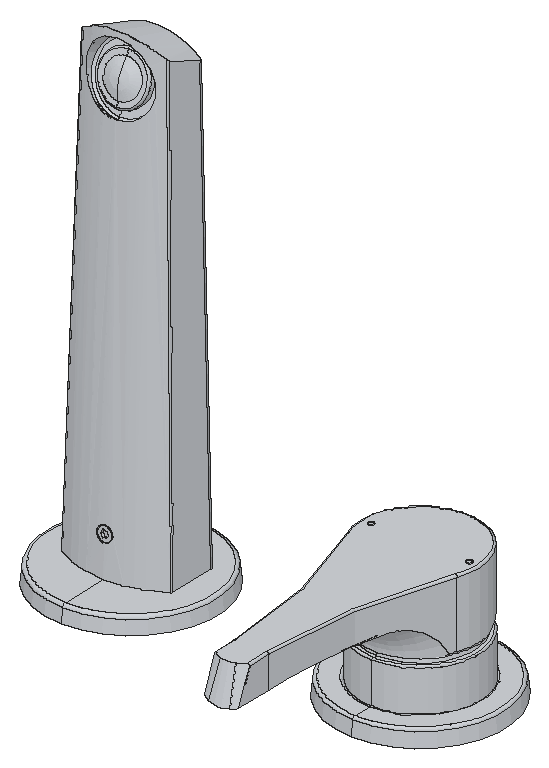
Revit family "Faucet-Wall_Mount-Lavatory-KOHLER-BEAM-K-26048T_1", category Plumbing Fixtures, host Face, Revit 2017
Family settings
  Host = Face
  Round Connector Dimension = Use Diameter
  Part Type = Normal
  OmniClass Number = 23.31.11.00
  OmniClass Title = Faucets
  Cut with Voids When Loaded = No
  Shared = No
  Room Calculation Point = No
Parameters (values of type "CP-Polished Chrome")
  Width [instance] = 4"
  WaterSense Certified = 1 = 0  # no
  Waste Water Outlet = "Waste Water Outlet"  # constant formula
  Waste Connection = 1 = 0  # no
  Vent Connection = 1 = 0  # no
  URL = "http://www.kohler.com.cn/"
  Type = 1
  Spout Reach = 6 35/128"  # constant formula
  Product Page URL = ""
  Product Name = "BEAM"  # constant formula
  Product Documentation Link = ""
  Pressure = 80.00 psi  # constant formula
  Model = if(Type = 1, "K-26048T-4-CP", if(Type = 2, "K-26048T-4-BL", "NA"))  # "K-26048T-4-CP"
  Material = "Brass Construction"  # constant formula
  Master Format 2014 Name = "Residential Faucets, Supplies, and Trim"  # constant formula
  Master Format 2014 = "22 41 39"  # constant formula
  Manufacturer Address = "Kohler Beijing Office (100016) 36-2-03-B, No. 88, Liuxiang Road, Beijing"  # constant formula
  Manufacturer = "KOHLER Co."  # constant formula
  Length = Spout Reach  # 6 35/128"
  Hot Water Inlet = "Hot Water Inlet"  # constant formula
  Height = 2 103/256"  # constant formula
  Handle Clearance = 3 129/256"  # constant formula
  HW Connection = 1 = 1  # yes
  Flow Rate = 2.2 GPM  # constant formula
  Finish = Kohler-Metal-CP-Polished_Chrome
  Environmental Product Declaration = ""
  Drain Included = 1 = 1  # yes
  Description = "WALL MOUNT SC LAV FAUCET "  # constant formula
  Default Elevation = 36"
  Declare Label = ""
  Date Modified = "08/18/2021"  # constant formula
  Date Created = "08/18/2021"  # constant formula
  Copyright = "Copyright KOHLER Co."  # constant formula
  Contact Us = "http://www.kohler.com.cn/contact/contact-us/"
  Cold Water Inlet = "Cold Water Inlet"  # constant formula
  CW Connection = 1 = 1  # yes
  Assembly Code = "D2010"
  ADA Compliant = 1 = 0  # no
Types (3): name | Type | Model | Finish
  (no name) | 1 | "K-26048T-4-CP" | Kohler-Metal-CP-Polished_Chrome
  CP-Polished Chrome | 1 | "K-26048T-4-CP" | Kohler-Metal-CP-Polished_Chrome
  BL-Matte Black | 2 | "K-26048T-4-BL" | Kohler-Metal-BL-Matte_Black
Reference planes
  plane 1 "Center (Front/Back)": y = 0
  plane 2: z = 0
  plane 3 "Center (Left/Right)": x = 0
  plane 4: x = 101.6
  plane 5: x = 71.6
  plane 6: y = 30
  plane 7: y = 30.5
  plane 8: x = 112.908
  plane 9: x = 30.5
  plane 10: y = 11.75
  plane 11: y = -12.086
  plane 12: y = 21
  plane 13: x = 131.6
  plane 14: x = 90.292
  plane 15: y = -30
  plane 16: y = -30.52
  plane 17: x = -30.5
  plane 18: y = -21
  plane 19: y = -88.999
  plane 20: x = 19.278
  plane 21: x = -19.278
  plane 22: z = 176
  plane 23: z = 48
  plane 24: z = 159.345
Dimensions and locks
  "Width": plane 3 "Center (Left/Right)" to plane 4
  "Height": plane 16 to plane 7
  "Handle Clearance": plane 19 to plane 1 "Center (Front/Back)"
  plane 22 to level = 6.92913"
  level to plane 23 = 1.88976"
  "Length": plane 24 to level
  locked: plane 5 to plane 13 at 60
  equal spacing: plane 13, plane 4, plane 5
  equal spacing: plane 8, plane 4, plane 14
  locked: plane 14 to plane 8 at 22.617
  aligned and locked: plane 2 to host face
  aligned and locked: level to host face
  aligned and locked: plane 4 to nested 2
Automatic sketch dimensions
  host sketch curve to host sketch curve = 96"  (x2)
Nested families
  nested 1: "K-26048T_Faucet" at (0, 0, 0), type "K-26048T_Faucet"
  nested 2: "K-26048T_Handle" at (101.6, 0, 0), type "K-26048T_Handle"
Connectors
  piping at (90.292, 0, 0), diameter 12.7, driven by "HW Connection", driven by "Hot Water Inlet", driven by "Flow Rate", driven by "Pressure"
    settings: on nested 2, index 1, connector inside diameter 24", connector length 0", flow factor 0, pipe flow 2.2 GPM, pressure drop 80.00 psi, fitting loss kfactor 0, connector angle 0.00°, fixture units 0, engagement length 0", angle of deflection 0.00°, flow configuration 1, flow direction 1, fitting loss method 4, system type 19, joint type 0, gender type 0, connector reference index -1, connector utility 1, adjustable connector no, is connector primary yes, connector description "Hot Water Inlet"
  piping at (112.908, 0, 0), diameter 12.7, driven by "CW Connection", driven by "Cold Water Inlet", driven by "Flow Rate", driven by "Pressure"
    settings: on nested 2, index 2, connector inside diameter 24", connector length 0", flow factor 0, pipe flow 2.2 GPM, pressure drop 80.00 psi, fitting loss kfactor 0, connector angle 0.00°, fixture units 0, engagement length 0", angle of deflection 0.00°, flow configuration 1, flow direction 1, fitting loss method 4, system type 20, joint type 0, gender type 0, connector reference index -1, connector utility 1, adjustable connector no, is connector primary no, connector description "Cold Water Inlet"
Definition of nested family "K-26048T_Faucet"
  Parameters (values of type "K-26048T_Faucet")
    material = none
  Reference planes
    plane 1 "Center (Front/Back)": y = 0
    plane 2: z = 0
    plane 3 "Center (Left/Right)": x = 0
    plane 4: y = 30.5
    plane 5: x = 30.5
    plane 6: x = -30.5
    plane 7: y = -30.5
    plane 8: y = 11.75
    plane 9: y = -12.086
    plane 10: x = 19.278
    plane 11: x = -19.278
    plane 12: z = 176
    plane 13: z = 159.394
  Forms (mm)
    Blend 1, solid, material <- "material", detail levels medium+fine
      base sketch origin (0, 0, 0) x (1, 0, 0) y (0, 1, 0)
        loop
          line (18.454, 11.75) -> (-18.454, 11.75)
          arc (-18.454, 11.75) -> (-19.037, 11.509) -> (-19.278, 10.926) r 0.824
          line (-19.278, 10.926) -> (-19.278, -6.259)
          arc (-19.278, -6.259) -> (-19.175, -6.652) -> (-18.891, -6.944) r 0.8
          arc (-18.891, -6.944) -> (0.079, -12.085) -> (18.909, -6.45) r 35.845
          arc (18.909, -6.45) -> (19.18, -6.16) -> (19.278, -5.776) r 0.8
          line (19.278, -5.776) -> (19.278, 10.926)
          arc (19.278, 10.926) -> (19.037, 11.509) -> (18.454, 11.75) r 0.824
      top sketch origin (0, 0, 0) x (1, 0, 0) y (0, 1, 0)
        loop
          line (14.29, 11.75) -> (-14.29, 11.75)
          arc (-14.29, 11.75) -> (-14.785, 11.545) -> (-14.99, 11.05) r 0.7
          line (-14.99, 11.05) -> (-14.99, -2.138)
          arc (-14.99, -2.138) -> (-14.876, -2.522) -> (-14.569, -2.78) r 0.7
          arc (-14.569, -2.78) -> (0.014, -5.776) -> (14.574, -2.667) r 36.309
          arc (14.574, -2.667) -> (14.877, -2.409) -> (14.99, -2.027) r 0.7
          line (14.99, -2.027) -> (14.99, 11.05)
          arc (14.99, 11.05) -> (14.785, 11.545) -> (14.29, 11.75) r 0.7
      from 6 to 177.277
    Revolve 2, solid, material <- "material", detail levels medium+fine
      sketch origin (0, 0, 0) x (0, 1, 0) y (0, 0, 1)
        loop
          line (0, 0) -> (30.5, 0) -> (29.982, 4.925)
          arc (29.982, 4.925) -> (29.592, 5.692) -> (28.789, 6) r 1.2
          line (28.789, 6) -> (0, 6) -> (0, 0)
        axis (0, 0) -> (0, 6)
      angle from 0 to 360
    Sweep 3, void
      path origin (0, 0, -1.094) x (1, 0, 0) y (0, 0, 1)
        loop
          arc (-26.899, 149.564) -> (0, 176.006) -> (26.899, 149.564) r 26.903
      profile origin (0, 0, 174.912) x (0, 0, 1) y (0, -1, 0)
        loop
          line (-6.116, -16.258) -> (9.122, -16.258) -> (9.122, 10.735) -> (2.655, 10.735) -> (-6.116, -16.258)
    Revolve 4, void
      sketch origin (0, 0.312, 0) x (0, 1, 0) y (0, 0, 1)
        loop
          arc (-5.632, 160.695) -> (-4.14, 163.751) -> (-2.097, 166.47) r 17.943
          line (-2.097, 166.47) -> (-1.505, 168.291)
          arc (-1.505, 168.291) -> (-0.994, 168.509) -> (-0.44, 168.467) r 1.174
          line (-0.44, 168.467) -> (1.152, 167.95) -> (1.926, 170.332) -> (1.488, 171.27) -> (-8.022, 174.361) -> (-11.81, 162.702) -> (-5.632, 160.695)
        axis (-11.81, 162.702) -> (-1.628, 159.394)
      angle from 0 to 360
    Extrusion 5, void
      sketch origin (0, 0, 0) x (1, 0, 0) y (0, 0, 1)
        loop
          line (-0.722, 18.75) -> (0.722, 18.75) -> (1.443, 20) -> (0.722, 21.25) -> (-0.722, 21.25) -> (-1.443, 20) -> (-0.722, 18.75)
        loop
          circle (0, 20.049) r 2.891
        loop
          circle (0, 20.049) r 2.491
      from 10.762 to 13.615
    Extrusion 6, solid, material <- "material", detail levels coarse
      sketch origin (0, 0, 0) x (1, 0, 0) y (0, 1, 0)
        loop
          line (-19.278, 11.75) -> (-19.278, -7.322)
          arc (-19.278, -7.322) -> (0, -12.086) -> (19.278, -7.322) r 41.388
          line (19.278, -7.322) -> (19.278, 11.75) -> (-19.278, 11.75)
      from 0 to 176.074
    Extrusion 7, solid, material <- "material", detail levels coarse
      sketch origin (0, 0, 0) x (1, 0, 0) y (0, 1, 0)
        loop
          circle (0, 0) r 30.5
      from 0 to 6
  Cuts and joins
    Sweep 3, Revolve 4, Extrusion 5 cuts Blend 1
    joined: Blend 1, Revolve 2
    joined: Extrusion 6, Extrusion 7
  Lines and regions (mm)
    Masking region 1
      outline origin (0, 0, 0) x (0, 1, 0) y (0, 0, 1)
        loop
          line (0, 0) -> (30.5, 0) -> (29.982, 4.925)
          arc (29.982, 4.925) -> (29.592, 5.692) -> (28.789, 6) r 1.2
          line (28.789, 6) -> (11.75, 6) -> (11.75, 169.738)
          arc (11.75, 169.738) -> (11.613, 170.162) -> (11.254, 170.424) r 0.721
          line (11.254, 170.424) -> (-4.516, 175.991)
          arc (-4.516, 175.991) -> (-4.988, 175.963) -> (-5.298, 175.606) r 0.61
          line (-5.298, 175.606) -> (-5.9, 173.773)
          arc (-5.9, 173.773) -> (-4.788, 168.386) -> (-4.274, 162.91) r 50.042
          arc (-4.274, 162.91) -> (-5.758, 158.55) -> (-5.854, 153.945) r 15.055
          line (-5.854, 153.945) -> (-6.458, 152.086)
          arc (-6.458, 152.086) -> (-6.184, 151.66) -> (-5.759, 151.387) r 1.192
          arc (-5.759, 151.387) -> (-6.254, 149.828) -> (-6.807, 148.289) r 43.027
          line (-6.807, 148.289) -> (-12.086, 6) -> (-28.789, 6)
          arc (-28.789, 6) -> (-29.592, 5.692) -> (-29.982, 4.925) r 1.2
          line (-29.982, 4.925) -> (-30.5, 0) -> (0, 0)
    Masking region 2
      outline origin (0, 0, 0) x (1, 0, 0) y (0, 0, 1)
        loop
          line (0, 0) -> (30.5, 0) -> (29.988, 4.874)
          arc (29.988, 4.874) -> (29.579, 5.676) -> (28.739, 5.999) r 1.256
          line (28.739, 5.999) -> (19.278, 5.999) -> (15.227, 167.831)
          arc (15.227, 167.831) -> (14.649, 170.043) -> (13.146, 171.766) r 5
          arc (13.146, 171.766) -> (0, 176) -> (-13.146, 171.766) r 22.528
          arc (-13.146, 171.766) -> (-14.649, 170.043) -> (-15.227, 167.831) r 5
          line (-15.227, 167.831) -> (-19.278, 5.999) -> (-28.739, 5.999)
          arc (-28.739, 5.999) -> (-29.579, 5.676) -> (-29.988, 4.874) r 1.256
          line (-29.988, 4.874) -> (-30.5, 0) -> (0, 0)
    Masking region 3
      outline origin (0, 0, 0) x (1, 0, 0) y (0, 1, 0)
        loop
          circle (0, 0) r 30.5
    symbolic lines, detail levels medium+fine
      curve 1: line (0, -3.495, 175.851) -> (0, -6.319, 6)
      curve 2: line (0, -12.088, 6) -> (0, 11.75, 6)
      curve 3: line (0, -29.982, 4.925) -> (0, 29.982, 4.925)
      curve 4: arc (0, -5.759, 151.387) -> (0, -4.568, 157.027) -> (0, -4.337, 162.787) r 34.385
      curve 5: line (0, -5.854, 153.945) -> (0, -4.432, 158.324)
      curve 6: arc (-13.961, 0, 165.336) -> (0, 0, 170.261) -> (13.961, 0, 165.336) r 22.252
      curve 7: arc (-15.356, 0, 162.654) -> (-14.94, 0, 164.141) -> (-13.961, 0, 165.336) r 3.767
      curve 8: arc (15.356, 0, 162.654) -> (14.94, 0, 164.141) -> (13.961, 0, 165.336) r 3.767
      curve 9: line (-19.278, 0, 6) -> (19.278, 0, 6)
      curve 10: line (-29.988, 0, 4.874) -> (29.988, 0, 4.874)
      curve 11: arc (-18.454, 11.75, 0) -> (-19.037, 11.509, 0) -> (-19.278, 10.926, 0) r 0.824
      curve 12: line (-19.278, -6.259, 0) -> (-19.278, 10.926, 0)
      curve 13: spline (-15.169, -2.33, 0) -> (-15.181, -1.201, 0) -> (-15.192, -0.074, 0) -> (-15.203, 1.052, 0) -> (-15.215, 2.176, 0) -> (-15.227, 3.298, 0) -> (-15.239, 4.419, 0) -> (-15.251, 5.538, 0) -> (-15.263, 6.655, 0) -> (-15.275, 7.77, 0) -> (-15.287, 8.883, 0) -> (-15.299, 9.995, 0) -> (-15.312, 11.105, 0)
      curve 14: spline (-15.312, 11.105, 0) -> (-15.294, 11.19, 0) -> (-15.266, 11.274, 0) -> (-15.231, 11.355, 0) -> (-15.187, 11.432, 0) -> (-15.137, 11.503, 0) -> (-15.08, 11.568, 0) -> (-15.019, 11.624, 0) -> (-14.953, 11.671, 0) -> (-14.886, 11.708, 0) -> (-14.817, 11.733, 0) -> (-14.748, 11.748, 0) -> (-14.68, 11.75, 0)
      curve 15: line (18.454, 11.75, 0) -> (-18.454, 11.75, 0)
      curve 16: spline (-14.675, -2.957, 0) -> (-14.741, -2.937, 0) -> (-14.803, -2.91, 0) -> (-14.862, -2.876, 0) -> (-14.918, -2.836, 0) -> (-14.968, -2.79, 0) -> (-15.014, -2.738, 0) -> (-15.054, -2.68, 0) -> (-15.089, -2.618, 0) -> (-15.119, -2.552, 0) -> (-15.142, -2.481, 0) -> (-15.159, -2.407, 0) -> (-15.169, -2.33, 0)
      curve 17: spline (14.728, -2.808, 0) -> (12.686, -3.667, 0) -> (10.429, -4.394, 0) -> (7.996, -4.976, 0) -> (5.427, -5.403, 0) -> (2.767, -5.667, 0) -> (0.059, -5.765, 0) -> (-2.651, -5.695, 0) -> (-5.317, -5.457, 0) -> (-7.895, -5.057, 0) -> (-10.341, -4.5, 0) -> (-12.613, -3.796, 0) -> (-14.675, -2.957, 0)
      curve 18: arc (-18.891, -6.944, 0) -> (-9.803, -10.83, 0) -> (0, -12.086, 0) r 35.845
      curve 19: arc (-19.278, -6.259, 0) -> (-19.175, -6.652, 0) -> (-18.891, -6.944, 0) r 0.8
      curve 20: arc (0, -6.843, 0) -> (-6.206, -6.256, 0) -> (-12.153, -4.386, 0) r 29.708
      curve 21: arc (-12.153, -4.386, 0) -> (-12.371, -4.175, 0) -> (-12.396, -3.872, 0) r 0.431
      curve 22: spline (-7.453, -5.083, 0) -> (-7.06, -5.282, 0) -> (-6.61, -5.471, 0) -> (-6.109, -5.646, 0) -> (-5.558, -5.807, 0) -> (-4.964, -5.952, 0) -> (-4.331, -6.08, 0) -> (-3.663, -6.19, 0) -> (-2.966, -6.281, 0) -> (-2.245, -6.353, 0) -> (-1.507, -6.405, 0) -> (-0.756, -6.436, 0) -> (0, -6.446, 0)
      curve 23: spline (-2.891, -11.481, 0) -> (-2.792, -11.454, 0) -> (-2.504, -11.427, 0) -> (-2.044, -11.401, 0) -> (-1.446, -11.379, 0) -> (-0.749, -11.362, 0) -> (-0.001, -11.35, 0) -> (0.747, -11.346, 0) -> (1.444, -11.349, 0) -> (2.043, -11.358, 0) -> (2.503, -11.375, 0) -> (2.792, -11.396, 0) -> (2.891, -11.421, 0)
      curve 24: spline (-2.891, -11.481, 0) -> (-2.792, -11.454, 0) -> (-2.504, -11.427, 0) -> (-2.044, -11.401, 0) -> (-1.446, -11.379, 0) -> (-0.749, -11.362, 0) -> (-0.001, -11.35, 0) -> (0.747, -11.346, 0) -> (1.444, -11.349, 0) -> (2.043, -11.358, 0) -> (2.503, -11.375, 0) -> (2.792, -11.396, 0) -> (2.891, -11.421, 0)
      curve 25: arc (2.891, -11.421, 0) -> (0.003, -11.7, 0) -> (-2.891, -11.481, 0) r 16.896
      curve 26: circle (0, 0, 0) r 30 normal (0, 0, 1)
      curve 27: arc (18.454, 11.75, 0) -> (19.037, 11.509, 0) -> (19.278, 10.926, 0) r 0.824
      curve 28: spline (15.169, -2.33, 0) -> (15.181, -1.201, 0) -> (15.192, -0.074, 0) -> (15.203, 1.052, 0) -> (15.215, 2.176, 0) -> (15.227, 3.298, 0) -> (15.239, 4.419, 0) -> (15.251, 5.538, 0) -> (15.263, 6.655, 0) -> (15.275, 7.77, 0) -> (15.287, 8.883, 0) -> (15.299, 9.995, 0) -> (15.312, 11.105, 0)
      curve 29: spline (15.312, 11.105, 0) -> (15.294, 11.19, 0) -> (15.266, 11.274, 0) -> (15.231, 11.355, 0) -> (15.187, 11.432, 0) -> (15.137, 11.503, 0) -> (15.08, 11.568, 0) -> (15.019, 11.624, 0) -> (14.953, 11.671, 0) -> (14.886, 11.708, 0) -> (14.817, 11.733, 0) -> (14.748, 11.748, 0) -> (14.68, 11.75, 0)
      curve 30: spline (14.675, -2.957, 0) -> (14.741, -2.937, 0) -> (14.803, -2.91, 0) -> (14.862, -2.876, 0) -> (14.918, -2.836, 0) -> (14.968, -2.79, 0) -> (15.014, -2.738, 0) -> (15.054, -2.68, 0) -> (15.089, -2.618, 0) -> (15.119, -2.552, 0) -> (15.142, -2.481, 0) -> (15.159, -2.407, 0) -> (15.169, -2.33, 0)
      curve 31: arc (18.891, -6.944, 0) -> (9.803, -10.83, 0) -> (0, -12.086, 0) r 35.845
      curve 32: arc (19.278, -6.259, 0) -> (19.175, -6.652, 0) -> (18.891, -6.944, 0) r 0.8
      curve 33: arc (0, -6.843, 0) -> (6.206, -6.256, 0) -> (12.153, -4.386, 0) r 29.708
      curve 34: arc (12.153, -4.386, 0) -> (12.389, -4.131, 0) -> (12.36, -3.785, 0) r 0.431
      curve 35: spline (7.457, -5.08, 0) -> (7.064, -5.281, 0) -> (6.615, -5.469, 0) -> (6.113, -5.645, 0) -> (5.563, -5.806, 0) -> (4.968, -5.951, 0) -> (4.334, -6.079, 0) -> (3.666, -6.189, 0) -> (2.968, -6.281, 0) -> (2.247, -6.353, 0) -> (1.508, -6.405, 0) -> (0.757, -6.436, 0) -> (0, -6.446, 0)
      curve 36: line (19.278, -6.259, 0) -> (19.278, 10.926, 0)
      curve 37: line (-15.169, -2.33, 0) -> (-19.278, -6.259, 0)
      curve 38: line (-14.844, -2.888, 0) -> (-18.897, -6.941, 0)
      curve 39: line (15.169, -2.33, 0) -> (19.278, -6.259, 0)
      curve 40: line (14.844, -2.888, 0) -> (18.897, -6.941, 0)
  Dimensions and locks
    aligned and locked: plane 2 to level
Definition of nested family "K-26048T_Handle"
  Parameters (values of type "K-26048T_Handle")
    Material = none
  Reference planes
    plane 1 "Center (Front/Back)": y = 0
    plane 2: z = 0
    plane 3 "Center (Left/Right)": x = 0
    plane 4: x = 30
    plane 5: x = 21
    plane 6: y = 30
    plane 7: y = -30
    plane 8: x = -30
    plane 9: x = -21
    plane 10: y = -89
    plane 11: z = 48
    plane 12: y = -21
    plane 13: x = 11.308
    plane 14: x = -11.308
    plane 15: z = 48
  Forms (mm)
    Sweep 1, solid, material <- "Material", detail levels medium+fine
      path origin (0, 0, 0) x (1, 0, 0) y (0, 1, 0)
        loop
          line (6.034, -89) -> (6.034, -74.327)
          arc (6.034, -74.327) -> (9.385, -40.582) -> (19.305, -8.154) r 171.612
          arc (19.305, -8.154) -> (0, 20.837) -> (-19.305, -8.154) r 20.924
          arc (-19.305, -8.154) -> (-9.385, -40.582) -> (-6.034, -74.327) r 171.612
          line (-6.034, -74.327) -> (-6.034, -89) -> (6.034, -89)
      profile origin (6.034, -81.663, 0) x (-1, 0, 0) y (0, 0, 1)
        loop
          arc (0.725, 48) -> (0.212, 47.788) -> (0, 47.275) r 0.725
          line (0, 47.275) -> (0, 23.905)
          arc (0, 23.905) -> (0.178, 23.474) -> (0.609, 23.296) r 0.609
          line (0.609, 23.296) -> (1.54, 23.296) -> (1.54, 48) -> (0.725, 48)
    Sweep 2, void
      path origin (0, 0, 0) x (0, 1, 0) y (0, 0, 1)
        loop
          line (-101.544, 35.278) -> (-56.544, 35.278)
          arc (-56.544, 35.278) -> (-43.126, 34.631) -> (-29.833, 32.695) r 139.423
          arc (-29.833, 32.695) -> (-23.535, 28.943) -> (-21.059, 22.044) r 10.853
          line (-21.059, 22.044) -> (-21.059, 19.425)
      profile origin (0, -21.059, 20.734) x (1, 0, 0) y (0, 1, 0)
        loop
          arc (21.059, 21.059) -> (0.789, 0.015) -> (-21, 19.482) r 21.059
          line (-21, 19.482) -> (-21, -10.816) -> (21.059, -10.816) -> (21.059, 21.059)
    Extrusion 3, solid, material <- "Material", detail levels medium+fine
      sketch origin (0, 0, 0) x (1, 0, 0) y (0, 1, 0)
        loop
          arc (17.884, -7.56) -> (0, 19.297) -> (-17.884, -7.56) r 19.383
          arc (-17.884, -7.56) -> (-7.875, -40.279) -> (-4.494, -74.327) r 173.152
          line (-4.494, -74.327) -> (-4.494, -87.46) -> (4.494, -87.46) -> (4.494, -74.327)
          arc (4.494, -74.327) -> (7.875, -40.279) -> (17.884, -7.56) r 173.152
      from 23.296 to 48
    Sweep 4, void
      path origin (0, 0, 0) x (1, 0, 0) y (0, 1, 0)
        loop
          arc (-7.404, -78.61) -> (-5.786, -82.178) -> (-2.46, -84.248) r 6.754
          arc (-2.46, -84.248) -> (0.04, -84.578) -> (2.54, -84.248) r 9.635
          arc (2.54, -84.248) -> (5.843, -82.067) -> (7.184, -78.343) r 6.274
      profile origin (0.04, -84.578, 0) x (0, 1, 0) y (0, 0, 1)
        loop
          line (-6.358, 29.243) -> (0.134, 49.222) -> (-6.358, 49.222) -> (-6.358, 29.243)
    Extrusion 5, void
      sketch origin (0, 0, 0) x (0, 1, 0) y (0, 0, 1)
        loop
          line (20.996, 31.619) -> (9.299, 26.165)
          arc (9.299, 26.165) -> (2.986, 24.022) -> (-3.642, 23.296) r 30.621
          line (-3.642, 23.296) -> (20.996, 23.296) -> (20.996, 31.619)
        loop
          line (-89, 27.109) -> (-89, 19.425) -> (-34, 19.425) -> (-34, 27.109) -> (-89, 27.109)
      from -31.056 to 28.947
    Revolve 6, solid, material <- "Material", detail levels medium+fine
      sketch origin (0, 0, 0) x (0, 1, 0) y (0, 0, 1)
        loop
          line (0, 0) -> (30, 0) -> (29.555, 5.087)
          arc (29.555, 5.087) -> (29.234, 5.737) -> (28.559, 6) r 1
          line (28.559, 6) -> (22, 6)
          arc (22, 6) -> (21.394, 5.772) -> (21.09, 5.2) r 0.918
          line (21.09, 5.2) -> (21.09, 20.26)
          arc (21.09, 20.26) -> (20.931, 20.642) -> (20.549, 20.8) r 0.54
          line (20.549, 20.8) -> (19.121, 20.8)
          arc (19.121, 20.8) -> (17.698, 26.193) -> (14.807, 30.964) r 19.522
          line (14.807, 30.964) -> (0, 30.964) -> (0, 0)
        axis (0, 30.964) -> (0, 0)
      angle from 0 to 360
    Extrusion 7, void
      sketch origin (0, 0, 0) x (1, 0, 0) y (0, 1, 0)
        loop
          circle (17.234, 0) r 1
        loop
          circle (-17.234, 0) r 1
      from 46.816 to 49.303
    Extrusion 8, solid
      sketch origin (0, 0, 0) x (1, 0, 0) y (0, 1, 0)
        loop
          circle (-17.234, 0) r 1
      from 46.816 to 48
    Extrusion 9, solid
      sketch origin (0, 0, 0) x (-1, 0, 0) y (0, -1, 0)
        loop
          circle (-17.234, 0) r 1
      from 46.816 to 48
    Extrusion 10, void
      sketch origin (0, 0, 0) x (1, 0, 0) y (0, 0, 1)
        loop
          circle (0, 41.176) r 3.089
      from -25.216 to -19.881
    Extrusion 11, solid, material <- "Material"
      sketch origin (0, 0, 0) x (1, 0, 0) y (0, 1, 0)
        loop
          circle (11.308, 0) r 3
        loop
          circle (-11.308, 0) r 3
      from 0 to 0.986
    Revolve 12, solid, material <- "Material", detail levels coarse
      sketch origin (0, 0, 0) x (0, 1, 0) y (0, 0, 1)
        loop
          line (0, 0) -> (30, 0) -> (30, 6.25) -> (21.04, 6.25) -> (21.04, 48) -> (0, 48) -> (0, 0)
        axis (0, 0) -> (0, 48)
      angle from 0 to 360
    Extrusion 13, solid, material <- "Material", detail levels coarse
      sketch origin (0, 0, 0) x (1, 0, 0) y (0, 1, 0)
        loop
          line (5.409, -89) -> (5.409, -74.327)
          arc (5.409, -74.327) -> (8.893, -39.925) -> (19.202, -6.92) r 171.612
          line (19.202, -6.92) -> (-19.212, -6.92)
          arc (-19.212, -6.92) -> (-8.896, -39.924) -> (-5.409, -74.327) r 171.496
          line (-5.409, -74.327) -> (-5.409, -89) -> (5.409, -89)
      from 35.033 to 48
  Cuts and joins
    Sweep 2, Sweep 4, Extrusion 5, Extrusion 10 cuts Sweep 1
    Sweep 2, Sweep 4, Extrusion 5, Extrusion 7 cuts Extrusion 3
    joined: Sweep 1, Extrusion 3, Revolve 6
    joined: Revolve 12, Extrusion 13
  Lines and regions (mm)
    Masking region 1
      outline origin (0, 0, 0) x (1, 0, 0) y (0, 1, 0)
        loop
          arc (12.634, -27.21) -> (29.276, 6.552) -> (-0.169, 30) r 30
          arc (-0.169, 30) -> (-29.312, 6.386) -> (-12.634, -27.21) r 30
          arc (-12.634, -27.21) -> (-7.692, -50.539) -> (-6.034, -74.327) r 171.496
          line (-6.034, -74.327) -> (-6.034, -86.043)
          arc (-6.034, -86.043) -> (-5.737, -87.092) -> (-4.933, -87.83) r 2
          arc (-4.933, -87.83) -> (0, -89) -> (4.933, -87.83) r 10.981
          arc (4.933, -87.83) -> (5.737, -87.092) -> (6.034, -86.043) r 2
          line (6.034, -86.043) -> (6.034, -74.327)
          arc (6.034, -74.327) -> (7.692, -50.539) -> (12.634, -27.21) r 171.496
    Masking region 2
      outline origin (0, 0, 0) x (0, 1, 0) y (0, 0, 1)
        loop
          line (0, 0) -> (30, 0) -> (29.553, 5.108)
          arc (29.553, 5.108) -> (29.24, 5.744) -> (28.579, 6) r 0.978
          line (28.579, 6) -> (21.088, 6) -> (21.088, 20.27)
          arc (21.088, 20.27) -> (20.933, 20.645) -> (20.558, 20.8) r 0.53
          line (20.558, 20.8) -> (19.121, 20.8)
          arc (19.121, 20.8) -> (18.128, 25.253) -> (16.031, 29.304) r 17.718
          line (16.031, 29.304) -> (20.382, 31.333)
          arc (20.382, 31.333) -> (20.707, 31.618) -> (20.827, 32.032) r 0.771
          line (20.827, 32.032) -> (20.827, 38.146)
          arc (20.827, 38.146) -> (20.608, 41.175) -> (20.827, 44.205) r 21.026
          line (20.827, 44.205) -> (20.827, 47.3)
          arc (20.827, 47.3) -> (20.622, 47.795) -> (20.127, 48) r 0.7
          line (20.127, 48) -> (-84.506, 48)
          arc (-84.506, 48) -> (-85.093, 47.81) -> (-85.457, 47.311) r 1
          line (-85.457, 47.311) -> (-88.962, 36.589)
          arc (-88.962, 36.589) -> (-88.821, 35.691) -> (-88.012, 35.278) r 1
          line (-88.012, 35.278) -> (-55.401, 35.278)
          arc (-55.401, 35.278) -> (-42.635, 34.632) -> (-30, 32.7) r 126.419
          arc (-30, 32.7) -> (-24.078, 29.4) -> (-21.128, 23.296) r 11.249
          line (-21.128, 23.296) -> (-18.714, 23.296)
          arc (-18.714, 23.296) -> (-18.962, 22.055) -> (-19.121, 20.8) r 17.718
          line (-19.121, 20.8) -> (-20.558, 20.8)
          arc (-20.558, 20.8) -> (-20.933, 20.645) -> (-21.088, 20.27) r 0.53
          line (-21.088, 20.27) -> (-21.088, 6) -> (-28.579, 6)
          arc (-28.579, 6) -> (-29.24, 5.744) -> (-29.553, 5.108) r 0.978
          line (-29.553, 5.108) -> (-30, 0) -> (0, 0)
    Masking region 3
      outline origin (0, 0, 0) x (1, 0, 0) y (0, 0, 1)
        loop
          line (0, 0) -> (30, 0) -> (29.553, 5.108)
          arc (29.553, 5.108) -> (29.24, 5.744) -> (28.579, 6) r 0.978
          line (28.579, 6) -> (21.088, 6) -> (21.088, 20.27)
          arc (21.088, 20.27) -> (20.933, 20.645) -> (20.558, 20.8) r 0.53
          line (20.558, 20.8) -> (19.121, 20.8)
          arc (19.121, 20.8) -> (18.963, 22.048) -> (18.717, 23.281) r 17.718
          line (18.717, 23.281) -> (20.266, 23.281)
          arc (20.266, 23.281) -> (20.785, 23.496) -> (21, 24.015) r 0.734
          line (21, 24.015) -> (21, 47.291)
          arc (21, 47.291) -> (20.792, 47.792) -> (20.291, 48) r 0.709
          line (20.291, 48) -> (0.04, 48) -> (-20.291, 48)
          arc (-20.291, 48) -> (-20.792, 47.792) -> (-21, 47.291) r 0.709
          line (-21, 47.291) -> (-21, 24.015)
          arc (-21, 24.015) -> (-20.785, 23.496) -> (-20.266, 23.281) r 0.734
          line (-20.266, 23.281) -> (-18.717, 23.281)
          arc (-18.717, 23.281) -> (-18.963, 22.048) -> (-19.121, 20.8) r 17.718
          line (-19.121, 20.8) -> (-20.558, 20.8)
          arc (-20.558, 20.8) -> (-20.933, 20.645) -> (-21.088, 20.27) r 0.53
          line (-21.088, 20.27) -> (-21.088, 6) -> (-28.579, 6)
          arc (-28.579, 6) -> (-29.24, 5.744) -> (-29.553, 5.108) r 0.978
          line (-29.553, 5.108) -> (-30, 0) -> (0, 0)
    symbolic lines, detail levels medium+fine
      curve 1: arc (18.847, -9.262, 0) -> (1.27, 20.962, 0) -> (-19.827, -6.92, 0) r 21
      curve 2: arc (12.073, -29.205, 0) -> (15.154, -19.13, 0) -> (18.847, -9.262, 0) r 171.612
      curve 3: arc (12.923, -26.192, 0) -> (0, 29.207, 0) -> (-12.923, -26.192, 0) r 29.207
      curve 4: arc (-11.87, -29.955, 0) -> (-15.439, -18.296, 0) -> (-19.827, -6.92, 0) r 171.612
      curve 5: arc (17.324, -13.112, 0) -> (0, 21.726, 0) -> (-17.324, -13.112, 0) r 21.726
      curve 6: arc (-2.528, -84.502, 0) -> (0.04, -84.841, 0) -> (2.608, -84.502, 0) r 9.898
      curve 7: arc (2.608, -84.502, 0) -> (4.007, -84.032, 0) -> (5.338, -83.395, 0) r 12.033
      curve 8: arc (5.338, -83.395, 0) -> (5.822, -82.94, 0) -> (6.034, -82.311, 0) r 1.364
      curve 9: arc (-2.608, -84.502, 0) -> (-4.007, -84.032, 0) -> (-5.338, -83.395, 0) r 12.033
      curve 10: arc (-5.338, -83.395, 0) -> (-5.822, -82.94, 0) -> (-6.034, -82.311, 0) r 1.364
      curve 11: line (0, 21.088, 6) -> (0, -21.088, 6)
      curve 12: line (0, 19.121, 20.8) -> (0, -19.121, 20.8)
      curve 13: line (0, 16.031, 29.304) -> (0, 9.299, 26.165)
      curve 14: arc (0, 9.299, 26.165) -> (0, 2.986, 24.022) -> (0, -3.642, 23.296) r 30.621
      curve 15: line (0, -18.714, 23.296) -> (0, -3.642, 23.296)
      curve 16: spline (0, -9.93, 23.296) -> (0, -10.817, 25.163) -> (0, -11.871, 26.932) -> (0, -13.083, 28.588) -> (0, -14.442, 30.116) -> (0, -15.936, 31.504) -> (0, -17.552, 32.738) -> (0, -19.277, 33.81) -> (0, -21.095, 34.708) -> (0, -22.991, 35.426) -> (0, -24.948, 35.957) -> (0, -26.949, 36.297) -> (0, -28.977, 36.442)
      curve 17: spline (0, -28.977, 36.446) -> (0, -31.238, 36.494) -> (0, -33.506, 36.533) -> (0, -35.783, 36.565) -> (0, -38.067, 36.587) -> (0, -40.357, 36.601) -> (0, -42.654, 36.607) -> (0, -44.957, 36.604) -> (0, -47.265, 36.592) -> (0, -49.579, 36.572) -> (0, -51.896, 36.543) -> (0, -54.218, 36.506) -> (0, -56.544, 36.461)
      curve 18: spline (0, -56.544, 36.461) -> (0, -58.02, 36.411) -> (0, -59.498, 36.367) -> (0, -60.978, 36.326) -> (0, -62.458, 36.29) -> (0, -63.94, 36.259) -> (0, -65.422, 36.232) -> (0, -66.905, 36.209) -> (0, -68.389, 36.19) -> (0, -69.873, 36.176) -> (0, -71.357, 36.167) -> (0, -72.842, 36.162) -> (0, -74.327, 36.161)
      curve 19: line (0, -74.327, 36.161) -> (0, -87.221, 36.161)
      curve 20: arc (0, -87.221, 36.161) -> (0, -85.037, 41.797) -> (0, -82.595, 47.325) r 130.659
      curve 21: spline (0, -82.595, 47.325) -> (0, -82.577, 47.424) -> (0, -82.57, 47.522) -> (0, -82.574, 47.616) -> (0, -82.589, 47.704) -> (0, -82.616, 47.783) -> (0, -82.652, 47.853) -> (0, -82.698, 47.91) -> (0, -82.753, 47.954) -> (0, -82.814, 47.984) -> (0, -82.881, 47.999) -> (0, -82.952, 47.998) -> (0, -83.026, 47.982)
      curve 22: spline (0, -87.221, 36.161) -> (0, -87.377, 36.092) -> (0, -87.526, 36.025) -> (0, -87.668, 35.96) -> (0, -87.803, 35.896) -> (0, -87.93, 35.836) -> (0, -88.05, 35.777) -> (0, -88.162, 35.72) -> (0, -88.266, 35.666) -> (0, -88.363, 35.614) -> (0, -88.451, 35.565) -> (0, -88.532, 35.518) -> (0, -88.604, 35.473)
      curve 23: line (0, -29.553, 5.108) -> (0, 29.553, 5.108)
      curve 24: line (0, -21.088, 20.27) -> (0, 21.088, 20.27)
      curve 25: line (-21.088, 0, 6) -> (21.088, 0, 6)
      curve 26: line (-19.121, 0, 20.8) -> (19.121, 0, 20.8)
      curve 27: line (-21.088, 0, 20.27) -> (21.088, 0, 20.27)
      curve 28: line (-29.553, 0, 5.108) -> (29.553, 0, 5.108)
      curve 29: spline (15.851, 0, 25.655) -> (14.935, 0, 26.186) -> (13.919, 0, 26.683) -> (12.811, 0, 27.143) -> (11.618, 0, 27.564) -> (10.347, 0, 27.942) -> (9.007, 0, 28.275) -> (7.608, 0, 28.561) -> (6.158, 0, 28.797) -> (4.667, 0, 28.983) -> (3.145, 0, 29.116) -> (1.603, 0, 29.197) -> (0.05, 0, 29.224)
      curve 30: spline (18.048, 0, 26.748) -> (18.446, 0, 26.396) -> (18.816, 0, 26.058) -> (19.159, 0, 25.737) -> (19.473, 0, 25.432) -> (19.758, 0, 25.144) -> (20.014, 0, 24.873) -> (20.239, 0, 24.62) -> (20.433, 0, 24.386) -> (20.597, 0, 24.171) -> (20.729, 0, 23.975) -> (20.829, 0, 23.799) -> (20.898, 0, 23.642)
      curve 31: spline (-18.194, 0, 26.586) -> (-16.31, 0, 27.966) -> (-13.847, 0, 29.172) -> (-10.893, 0, 30.162) -> (-7.552, 0, 30.9) -> (-3.943, 0, 31.361) -> (-0.194, 0, 31.528) -> (3.562, 0, 31.394) -> (7.193, 0, 30.966) -> (10.57, 0, 30.258) -> (13.573, 0, 29.294) -> (16.095, 0, 28.11) -> (18.048, 0, 26.748)
      curve 32: spline (0.05, 0, 29.224) -> (-1.499, 0, 29.197) -> (-3.038, 0, 29.117) -> (-4.556, 0, 28.984) -> (-6.044, 0, 28.799) -> (-7.491, 0, 28.564) -> (-8.888, 0, 28.28) -> (-10.225, 0, 27.948) -> (-11.494, 0, 27.572) -> (-12.686, 0, 27.153) -> (-13.794, 0, 26.694) -> (-14.809, 0, 26.199) -> (-15.726, 0, 25.671)
      curve 33: spline (-20.878, 0, 23.611) -> (-20.813, 0, 23.749) -> (-20.717, 0, 23.909) -> (-20.592, 0, 24.09) -> (-20.437, 0, 24.291) -> (-20.254, 0, 24.512) -> (-20.042, 0, 24.753) -> (-19.802, 0, 25.013) -> (-19.534, 0, 25.293) -> (-19.238, 0, 25.59) -> (-18.916, 0, 25.905) -> (-18.568, 0, 26.237) -> (-18.194, 0, 26.586)
      curve 34: arc (-15.726, 0, 25.671) -> (-17.289, 0, 24.56) -> (-18.717, 0, 23.281) r 17.022
      curve 35: arc (18.717, 0, 23.281) -> (17.36, 0, 24.56) -> (15.851, 0, 25.655) r 14.571
      curve 36: arc (-3.089, 0, 41.176) -> (0, 0, 38.087) -> (3.089, 0, 41.176) r 3.089
      curve 37: arc (3.089, 0, 41.176) -> (0, 0, 44.264) -> (-3.089, 0, 41.176) r 3.089
      curve 38: arc (16.234, 0, 0) -> (17.234, -1, 0) -> (18.234, 0, 0) r 1
      curve 39: arc (18.234, 0, 0) -> (17.234, 1, 0) -> (16.234, 0, 0) r 1
      curve 40: arc (-18.234, 0, 0) -> (-17.234, -1, 0) -> (-16.234, 0, 0) r 1
      curve 41: arc (-16.234, 0, 0) -> (-17.234, 1, 0) -> (-18.234, 0, 0) r 1
  Dimensions and locks
    aligned and locked: plane 2 to level
